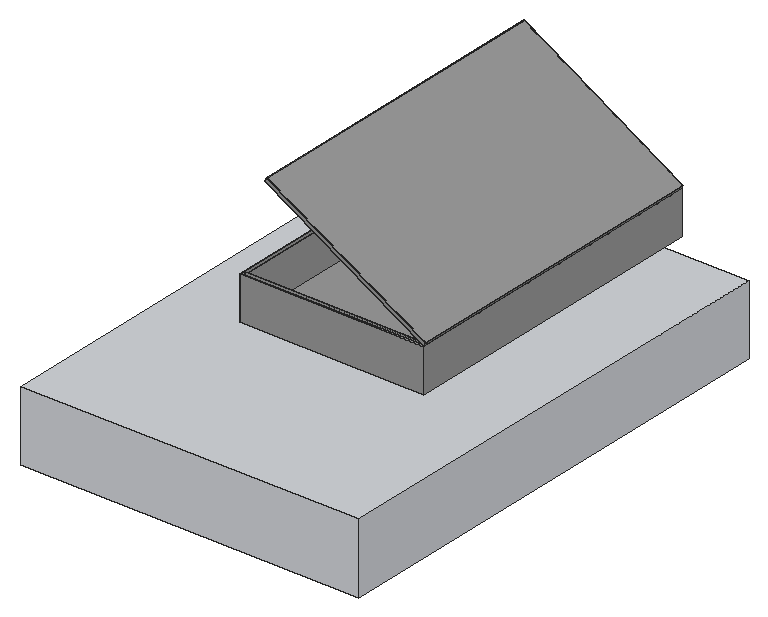
Revit family "Hager-Univers-IP44-D205-H1400-Cl.II-Encl-DE-de", category Equipement électrique, Revit 2020
Family settings
  Hôte = Face
  Configuration du panneau = Deux colonnes, circuits au sein
  Cote de connecteur circulaire = Utiliser le diamètre
  Type d'élément = Tableau de raccordement
  Couper avec des vides une fois chargée = Non
  Partagée = Non
  Point de calcul de pièce = Non
Parameters (values of type "Aufputz IP44 B800 H1400 T205  - FP93SN2")
  Width Control [instance] = if([EF000008 - Breite] > Min Width, [EF000008 - Breite], Min Width)  # 800 mm
  Commentaires du type = [HG000003 - Bereich]  # "Univers"
  Thickness Door [instance] = if([EF009171 - Materialstärke Tür/Deckel] > 3 mm, 3 mm, [EF009171 - Materialstärke Tür/Deckel])  # 1 mm
  Seal Frame Offset [instance] = 17 mm  # constant formula
  Plinth Visibility [instance] = [HG000027 - Sockelhöhe] > 0 mm  # no
  Model = ""
  Min Width [instance] = 100 mm  # constant formula
  Min Height [instance] = 100 mm  # constant formula
  Min Depth [instance] = (2 * [EF009170 - Materialstärke Gehäuse]) + 1 mm  # 3 mm
  Internal Frame Depth [instance] = (Door System Depth * 0.5)  # 9 mm
  Height Control [instance] = if([EF000040 - Höhe] > Min Height, [EF000040 - Höhe], Min Height)  # 1400 mm
  HG000027 - Sockelhöhe = 0 mm
  HG000026 - Stehend auf dem Boden = no
  HG000024 - Höhe des unteren Teils = 800 mm
  HG000023 - Gehäuse mit doppeltem Querschnitt = no
  HG000016 - 3D-Türsichtbarkeit [instance] = yes
  HG000015 - Sichtbarkeit der Türöffnung [instance] = no
  HG000014 - Tür rechts [instance] = yes
  HG000013 - Tür links [instance] = not([HG000014 - Tür rechts])  # no
  HG000012 - Türschwenkwinkel [instance] = 30.00°
  HG000010 - Asymmetrische Türen = no
  HG000009 - Doppelflügeligen Tür = no
  HG000006 - Unterputz = no
  HG000004 - Herstellerreferenz = "FP93SN2"
  HG000003 - Bereich = "Univers"
  HG000002 - Mit tür = yes
  Frame Offset Bottom [instance] = 10 mm  # constant formula
  Frame Offset [instance] = 15 mm  # constant formula
  EF015940 - Deckel mit Überdruckentlastung = no
  EF011959 - Schutzart (NEMA) = ""
  EF009554 - Anzahl der Öffnungen für Flanschplatten = 6
  Fabricant = "Hager"  # constant formula
  EF009212 - Ausführung Deckel = "EV000116 - geschlossen"
  EF009171 - Materialstärke Tür/Deckel = 1 mm
  EF009170 - Materialstärke Gehäuse = 1 mm
  EF008873 - Nennstrom (In) = 250 A
  EF007800 - Geeignet für Blitzschutz = no
  EF006306 - Mit Schloss = no
  EF006244 - Transparenter Deckel/Tür = no
  EF005474 - Schutzart (IP) = "EV006418 - IP44"
  EF004464 - Art der Tür = "EV002646 - Einzel"
  EF004427 - Anzahl der Module = 324
  EF004293 - Schlagfestigkeit = "EV006815 - IK09"
  EF003532 - Geeignet für Außengebrauch = no
  EF002950 - Breite in Teilungseinheiten = 36
  EF001613 - Funktionserhalt = "EV000494 - ohne"
  EF001596 - Werkstoff des Gehäuses = "EV000179 - Stahl"
  EF001131 - Innentiefe = 143 mm
  EF001088 - Anbaumöglichkeit = yes
  EF000437 - Anzahl der Leitungseinführungen = 6
  EF000339 - Art der Abdeckung = "EV001012 - Deckel"
  EF000266 - Anzahl der Reihen = 9
  EF000218 - Einbautiefe = 205 mm
  EF000118 - Mit Montageplatte = no
  EF000116 - RAL-Nummer = "9010"
  EF000049 - Tiefe = 205 mm
  EF000040 - Höhe = 1400 mm
  EF000008 - Breite = 800 mm
  EF000007 - Farbe = "EV000202 - weiß"
  EF000003 - Montageart = "EV000384 - Aufputz"
  Door System Leaf Tolerance [instance] = 1.5 mm  # constant formula
  Door System Depth [instance] = 18 mm  # constant formula
  Door Height [instance] = Height Control - [HG000027 - Sockelhöhe]  # 1400 mm
  Depth Control [instance] = if([EF000049 - Tiefe] > Min Depth, [EF000049 - Tiefe], Min Depth)  # 205 mm
  Default Elevation = 0 mm
  Connector Offset [instance] = Height Control / 2  # 700 mm
  Bottom Top Plate Trim [instance] = 1.5 mm  # constant formula
  Plinth height Ctrl [instance] = if([HG000027 - Sockelhöhe] > 0 mm, [HG000027 - Sockelhöhe], 12 mm)  # 12 mm
Types (5, lengths in mm): name | Width Control | HG000010 - Asymmetrische Türen | HG000009 - Doppelflügeligen Tür | HG000004 - Herstellerreferenz | EF009554 - Anzahl der Öffnungen für Flanschplatten | EF004464 - Art der Tür | EF004427 - Anzahl der Module | EF002950 - Breite in Teilungseinheiten | EF001131 - Innentiefe | EF000437 - Anzahl der Leitungseinführungen | EF000339 - Art der Abdeckung | EF000008 - Breite
  Aufputz IP44 B1050 H1400 T205  - FP94SN2 | 1050 | no | yes | "FP94SN2" | 8 | "EV003602 - Doppel" | 432 | 48 | 143 | 8 | "EV001012 - Deckel" | 1050
  Aufputz IP44 B1300 H1400 T205  - FP95SN2 | 1300 | yes | yes | "FP95SN2" | 10 | "EV003602 - Doppel" | 540 | 60 | 130 | 10 | "EV004216 - Tür" | 1300
  Aufputz IP44 B300 H1400 T205  - FP91SN2 | 300 | no | no | "FP91SN2" | 2 | "EV002646 - Einzel" | 108 | 12 | 143 | 2 | "EV001012 - Deckel" | 300
  Aufputz IP44 B550 H1400 T205  - FP92SN2 | 550 | no | no | "FP92SN2" | 4 | "EV002646 - Einzel" | 216 | 24 | 143 | 4 | "EV001012 - Deckel" | 550
  Aufputz IP44 B800 H1400 T205  - FP93SN2 | 800 | no | no | "FP93SN2" | 6 | "EV002646 - Einzel" | 324 | 36 | 143 | 6 | "EV001012 - Deckel" | 800
Reference planes
  plane 1 "Center (Front/Back)": y = 0
  plane 2: z = 0
  plane 3 "Center (Left/Right)": x = 0
  plane 4: z = 205
  plane 5: y = 1
  plane 6: y = 700
  plane 7: y = 0
  plane 8: y = 1400
  plane 9: z = 0
  plane 10: x = -385
  plane 11: x = 385
  plane 12: x = 384
  plane 13: x = -384
  plane 14: y = 1399
  plane 15: x = -383
  plane 16: x = -400
  plane 17: x = 383
  plane 18: x = 400
  plane 19: x = 399
  plane 20: x = -399
  plane 21: y = 11
  plane 22: y = 1400
  plane 23: y = 1384
  plane 24: z = 187
  plane 25: z = 1
  plane 26: z = 186
  plane 27: z = 204
Forms (mm)
  Extrusion 1, solid
    sketch origin (0, 0, 0) x (1, 0, 0) y (0, 1, 0)
      loop
        line (-702.964, 1305) -> (-702.964, -811.445) -> (766.763, -811.445) -> (766.763, 1305) -> (-702.964, 1305)
    from 0 to -304.8
  Extrusion 2, solid, material "Hager_Steel_RAL7035_Light_Grey", visible <- "Plinth Visibility", detail levels medium+fine
    sketch origin (0, 0, 0) x (1, 0, 0) y (0, 1, 0)
      loop
        line (-400, 0) -> (400, 0) -> (400, 12) -> (-400, 12) -> (-400, 0)
    from 0 to 187
  Extrusion 3, solid, material "Hager_Steel_RAL7035_Light_Grey", detail levels medium+fine
    sketch origin (0, 0, 0) x (1, 0, 0) y (0, 1, 0)
      loop
        line (-400, 0) -> (400, 0) -> (400, 1400) -> (-400, 1400) -> (-400, 0)
    from 0 to 187
  Extrusion 4, void
    sketch origin (0, 0, 0) x (1, 0, 0) y (0, 1, 0)
      loop
        line (-399, 1) -> (399, 1) -> (399, 1399) -> (-399, 1399) -> (-399, 1)
    from 1 to 186
  Extrusion 5, void
    sketch origin (-381.607, -4572, 187) x (0, -1, 0) y (-1, 0, 0)
      loop
        line (-4583, 2.393) -> (-5956, 2.393) -> (-5956, -765.607) -> (-4583, -765.607) -> (-4583, 2.393)
    from 0 to 1 <- "EF009170 - Materialstärke Gehäuse"
  Extrusion 6, solid, material "Hager_Steel_RAL7035_Light_Grey", detail levels fine
    sketch origin (0, 0, 187) x (1, 0, 0) y (0, 1, 0)
      loop
        line (-384, 1384) -> (-384, 11) -> (384, 11) -> (384, 1384) -> (-384, 1384)
      loop
        line (-385, 10) -> (385, 10) -> (385, 1385) -> (-385, 1385) -> (-385, 10)
    from 0 to 9 <- "Internal Frame Depth"
  Extrusion 7, solid, material "Hager_Steel_RAL7035_Light_Grey", detail levels coarse
    sketch origin (0, 0, 0) x (1, 0, 0) y (0, 1, 0)
      loop
        line (-400, 0) -> (400, 0) -> (400, 1400) -> (-400, 1400) -> (-400, 0)
    from 0 to 205
  Sweep 8, void
    path in 3D
      loop
        line (-400, 12, 0) -> (400, 12, 0) -> (400, 12, 187) -> (-400, 12, 187) -> (-400, 12, 0)
    profile origin (-400, 12, 93.5) x (-1, 0, 0) y (0, -1, 0)
      loop
        line (0, 0) -> (0, 1.5) -> (-1.5, 1.5)
        arc (-1.5, 1.5) -> (-1.061, 0.439) -> (0, 0) r 1.5
Cuts and joins
  Extrusion 4, Extrusion 5 cuts Extrusion 3
  Sweep 8 cuts Extrusion 2
Lines and regions (mm)
  Masking region 1
    outline origin (0, 0, 0) x (1, 0, 0) y (0, 0, 1)
      loop
        line (-400, 205) -> (-400, 0) -> (400, 0) -> (400, 205) -> (-400, 205)
  Masking region 2, detail levels medium+fine
    outline origin (0, 140, 0) x (0, 1, 0) y (0, 0, 1)
      loop
        line (-140, 0) -> (1260, 0) -> (1260, 187) -> (-140, 187) -> (-140, 0)
  Masking region 3, not visible, detail levels medium+fine
    outline origin (0, 297.922, 0) x (0, 1, 0) y (0, 0, 1)
      loop
        line (413.578, 0) -> (453.578, 0) -> (453.578, 194)
        arc (453.578, 194) -> (450.649, 201.071) -> (443.578, 204) r 10
        line (443.578, 204) -> (413.578, 204) -> (413.578, 0)
  Masking region 4, detail levels coarse
    outline origin (0, 0, 180) x (0, 1, 0) y (0, 0, 1)
      loop
        line (0, -180) -> (1400, -180) -> (1400, 25) -> (0, 25) -> (0, -180)
  Masking region 5, visible <- "Plinth Visibility", detail levels medium+fine
    outline origin (0, 52.24, 12.345) x (0, 0, -1) y (0, 1, 0)
      loop
        line (10.845, -40.24) -> (-173.155, -40.24)
        arc (-173.155, -40.24) -> (-173.594, -41.301) -> (-174.655, -41.74) r 1.5
        line (-174.655, -41.74) -> (-174.655, -52.24) -> (12.345, -52.24) -> (12.345, -41.74)
        arc (12.345, -41.74) -> (11.285, -41.301) -> (10.845, -40.24) r 1.5
  Masking region 6, detail levels medium+fine
    outline origin (-381.607, -4572, 187) x (-1, 0, 0) y (0, -1, 0)
      loop
        line (18.393, -5972) -> (18.393, -4572) -> (-781.607, -4572) -> (-781.607, -5972) -> (18.393, -5972)
  Masking region 7, visible <- "Plinth Visibility", detail levels medium+fine
    outline origin (-381.607, -4727, 187) x (-1, 0, 0) y (0, -1, 0)
      loop
        arc (16.893, -4739) -> (17.332, -4737.939) -> (18.393, -4737.5) r 1.5
        line (18.393, -4737.5) -> (18.393, -4727) -> (-781.607, -4727) -> (-781.607, -4737.5)
        arc (-781.607, -4737.5) -> (-780.546, -4737.939) -> (-780.107, -4739) r 1.5
        line (-780.107, -4739) -> (16.893, -4739)
  Masking region 8, detail levels coarse
    outline origin (-442.548, -4669.526, 187) x (-1, 0, 0) y (0, -1, 0)
      loop
        line (-42.548, -6069.526) -> (-42.548, -4669.526) -> (-842.548, -4669.526) -> (-842.548, -6069.526) -> (-42.548, -6069.526)
  sketch lines
    curve 1: line (-400, 12, 187) -> (-400, 12, 0)
    curve 2: line (400, 12, 187) -> (-400, 12, 187)
    curve 3: line (400, 12, 187) -> (400, 12, 0)
    curve 4: line (-400, 12, 0) -> (400, 12, 0)
Dimensions and locks
  "Depth Control": plane 4 to Extrusion 1
  "HG000027 - Sockelhöhe": plane 1 "Center (Front/Back)" to plane 7
  "EF009170 - Materialstärke Gehäuse": plane 5 to plane 7
  locked: connector elem to plane 3 "Center (Left/Right)"
  equal spacing: plane 8, plane 6, plane 7
  locked: connector elem to plane 6
  "EF009170 - Materialstärke Gehäuse": plane 8 to plane 14
  "EF009170 - Materialstärke Gehäuse": plane 10 to plane 13
  "EF009170 - Materialstärke Gehäuse": plane 12 to plane 11
  "Frame Offset": plane 20 to plane 13
  "Frame Offset": plane 12 to plane 19
  "EF009170 - Materialstärke Gehäuse": plane 16 to plane 20
  "EF009170 - Materialstärke Gehäuse": plane 19 to plane 18
  "Seal Frame Offset": plane 16 to plane 15
  "Seal Frame Offset": plane 17 to plane 18
  "Frame Offset Bottom": plane 21 to plane 5
  "Frame Offset": plane 14 to plane 23
  equal spacing: plane 16, plane 3 "Center (Left/Right)", plane 18
  "Width Control": plane 16 to plane 18
  "EF009170 - Materialstärke Gehäuse": plane 4 to plane 27
  "EF009170 - Materialstärke Gehäuse": plane 24 to plane 26
  "EF009170 - Materialstärke Gehäuse": plane 25 to level
  "Door System Depth": plane 4 to plane 24
  "Height Control": plane 1 "Center (Front/Back)" to Extrusion 7 sketch curve
  "Height Control": Masking region 4 sketch curve to plane 1 "Center (Front/Back)"
  "Height Control": plane 1 "Center (Front/Back)" to plane 22
  "Bottom Top Plate Trim": profile plane to Sweep 8 sketch curve
  "Bottom Top Plate Trim": Sweep 8 sketch curve to profile plane
  "Plinth height Ctrl": plane 1 "Center (Front/Back)" to Extrusion 2 sketch curve
  "Plinth height Ctrl": Masking region 5 sketch curve to plane 1 "Center (Front/Back)"
  "Plinth height Ctrl": plane 1 "Center (Front/Back)" to Masking region 7 sketch curve
  "Thickness Door": Extrusion 6 sketch curve to Extrusion 6 sketch curve  (x3)
  "Thickness Door": cut or joined group of Extrusion 3, Extrusion 4, Extrusion 5 to Extrusion 6 sketch curve
  radius of Masking region 3 sketch curve = 10 mm
  "Bottom Top Plate Trim": radius of Masking region 5 sketch curve  (x2)
  "Bottom Top Plate Trim": radius of Sweep 8 sketch curve
  "Bottom Top Plate Trim": radius of Masking region 7 sketch curve  (x2)
  aligned and locked: plane 2 to Extrusion 1
  aligned and locked: level to Extrusion 1
  aligned and locked: level to Masking region 1 sketch curve
  aligned and locked: Masking region 1 sketch curve to plane 18
  aligned and locked: Masking region 1 sketch curve to plane 16
  aligned and locked: plane 7 to Masking region 2 sketch curve
  aligned and locked: level to Masking region 3 sketch curve
  aligned and locked: Masking region 3 sketch curve to plane 27
  aligned and locked: level to Masking region 2 sketch curve
  aligned and locked: plane 1 "Center (Front/Back)" to Extrusion 2 sketch curve
  aligned and locked: Extrusion 3 sketch curve to plane 7
  aligned and locked: plane 16 to Extrusion 3 sketch curve
  aligned and locked: plane 18 to Extrusion 3 sketch curve
  aligned and locked: plane 20 to Extrusion 4 sketch curve
  aligned and locked: plane 19 to Extrusion 4 sketch curve
  aligned and locked: Extrusion 4 sketch curve to plane 5
  aligned and locked: Extrusion 4 to plane 25
  aligned and locked: plane 26 to Extrusion 4
  aligned and locked: plane 24 to Extrusion 3
  aligned and locked: Extrusion 5 sketch curve to plane 21
  aligned and locked: Extrusion 5 sketch curve to plane 13
  aligned and locked: Extrusion 5 sketch curve to plane 12
  aligned and locked: plane 18 to Extrusion 7 sketch curve
  aligned and locked: plane 1 "Center (Front/Back)" to Extrusion 7 sketch curve
  aligned and locked: plane 16 to Extrusion 7 sketch curve
  aligned and locked: plane 4 to Extrusion 7
  aligned and locked: Extrusion 7 to level
  aligned and locked: level to Masking region 4 sketch curve
  aligned and locked: Masking region 4 sketch curve to plane 1 "Center (Front/Back)"
  aligned and locked: Masking region 4 sketch curve to plane 4
  aligned and locked: nested 1 to level
  aligned and locked: nested 1 to plane 16
  aligned and locked: plane 8 to Extrusion 3 sketch curve
  aligned and locked: plane 23 to Extrusion 5 sketch curve
  aligned and locked: plane 14 to Extrusion 4 sketch curve
  aligned and locked: Masking region 2 sketch curve to plane 8
  aligned and locked: level to Masking region 5 sketch curve
  aligned and locked: plane 16 to Extrusion 2 sketch curve
  aligned and locked: plane 18 to Extrusion 2 sketch curve
  aligned and locked: Masking region 5 sketch curve to plane 24
  aligned and locked: Masking region 2 sketch curve to plane 24
  aligned and locked: plane 24 to Extrusion 2
  aligned and locked: profile plane to Sweep 8 sketch curve  (x2)
  aligned and locked: Masking region 6 sketch curve to plane 18
  aligned and locked: Masking region 6 sketch curve to plane 22
  aligned and locked: Masking region 6 sketch curve to plane 16
  aligned and locked: plane 8 to plane 22
  aligned and locked: Masking region 6 sketch curve to plane 7
  aligned and locked: Masking region 7 sketch curve to plane 16
  aligned and locked: Masking region 7 sketch curve to plane 1 "Center (Front/Back)"
  aligned and locked: Masking region 7 sketch curve to plane 18
  aligned and locked: Masking region 8 sketch curve to plane 1 "Center (Front/Back)"
  aligned and locked: Masking region 8 sketch curve to plane 18
  aligned and locked: Masking region 8 sketch curve to plane 22
  aligned and locked: Masking region 8 sketch curve to plane 16
  aligned and locked: nested 2 to plane 7
  aligned and locked: plane 3 "Center (Left/Right)" to nested 2
  aligned and locked: nested 2 to plane 24
  aligned and locked: Extrusion 6 sketch curve to cut or joined group of Extrusion 3, Extrusion 4, Extrusion 5  (x4)
Automatic sketch dimensions
  Extrusion 1 sketch curve to Extrusion 1 sketch curve = 1469.727 mm
  Extrusion 1 sketch curve to Extrusion 1 sketch curve = 2116.445 mm
  Masking region 1 sketch curve to plane 4 = 0 mm
  plane 6 to Masking region 3 sketch curve = 11.5 mm
  Masking region 3 sketch curve to Masking region 3 sketch curve = 30 mm
  Masking region 5 sketch curve to plane 1 "Center (Front/Back)" = 0 mm
Nested families
  nested 1: "Hager_Enclosure_Symbol" at (-400, 0, 0) x (1, 0, 0) z (0, -1, 0), Height <- "Depth Control", Width <- "Width Control", type "Hager_Enclosure_Symbol"
    with Width_Ctrl 800 mm, Width 800 mm, Height_Ctrl 205 mm, Height 205 mm, A_Width_Int 13.453 mm, A_Width 161.438 mm, A_Height_Ctrl 179.375 mm, A_Height 179.375 mm
  nested 2: "EC000058_Univers_Door" at (0, 0, 187) x (1, 0, 0) z (0, 1, 0), Leaf_Tolerance <- "Door System Leaf Tolerance", Angle <- "HG000012 - Türschwenkwinkel", Door_Depth <- "Door System Depth", Door_Left <- "HG000013 - Tür links", Transparent <- "EF006244 - Transparenter Deckel/Tür", Assymetrical <- "HG000010 - Asymmetrische Türen", Width <- "Width Control", Clearance <- "HG000015 - Sichtbarkeit der Türöffnung", Double <- "HG000009 - Doppelflügeligen Tür", 3d_Door <- "HG000016 - 3D-Türsichtbarkeit", Lock_Visibility <- "EF006306 - Mit Schloss", Width_Ctrl <- "Width Control", Door_Right <- "HG000014 - Tür rechts", Door <- "HG000002 - Mit tür", Height <- "Door Height", Thickness <- "Thickness Door", type "EC000058_Univers_Door", detail levels medium+fine
    with min_wh 3 mm, Width_Ctrl 800 mm, Width 800 mm, Transparent no, Thickness 1 mm, Seal_Material Hager_Rubber, Lock_Visibility no, Lock_Material Hager_Plastic_RAL9005_Jet_Black, Leaf_Width 800 mm, Leaf_Tolerance_External_Sides 0 mm, Leaf_Tolerance 1.5 mm, Leaf_Offset 0 mm, Leaf_Height 1397 mm, Leaf_2_Width 800 mm, Leaf_2_Offset 400 mm, Leaf_1_Width 800 mm, Leaf_1_Offset 400 mm, Height_Ctrl 1400 mm, Height 1400 mm, Glass_Material Hager_Glass, Double_Clearance_Ctrl no, Double no, Door_Right_Ctrl yes, Door_Right yes, Door_Material Hager_Steel_RAL7035_Light_Grey, Door_Left_Ctrl no, Door_Left no, Door_Depth 18 mm, Door yes, Clearance_Material Hager_Clearance, Clearance_Depth 800 mm, Clearance_Ctrl no, Clearance no, Assymetrical no, Angle 30.00°, 3d_Door yes
Connectors
  electrical at (0, 700, 0)
    settings: on plane 9, index 1, voltage 0 V, apparent load 0 VA, apparent load phase1 0 VA, apparent load phase2 0 VA, apparent load phase3 0 VA, power factor 1, load classification "Other", number of poles 1, system type 30, power factor state 1, is connector primary yes, connector utility no, sub classification motor no, connector description ""
Definition of nested family "EC000058_Univers_Door"
  Parameters (values of type "EC000058_Univers_Door")
    min_wh [instance] = (2 * Thickness) + 1 mm  # 11 mm
    Width_Ctrl [instance] = 400 mm
    Width [instance] = 500 mm
    Transparent [instance] = yes
    Thickness [instance] = 5 mm
    Seal_Material [instance] = none
    Lock_Visibility [instance] = yes
    Lock_Material [instance] = none
    Leaf_Width [instance] = if((Width_Ctrl - 2 * Leaf_Tolerance_External_Sides) > 0 mm, (Width_Ctrl - 2 * Leaf_Tolerance_External_Sides), min_wh)  # 400 mm
    Leaf_Tolerance_External_Sides [instance] = 0 mm  # constant formula
    Leaf_Tolerance [instance] = 1.5 mm
    Leaf_Offset [instance] = 0 mm  # constant formula
    Leaf_Height [instance] = if((Height_Ctrl - 2 * Leaf_Tolerance) > 0 mm, (Height_Ctrl - 2 * Leaf_Tolerance), min_wh)  # 497 mm
    Leaf_2_Width [instance] = if(and(and(Double, Assymetrical), Door_Left), (Leaf_Width / 3) - (Leaf_Tolerance / 2), if(and(and(Double, Assymetrical), Door_Right), (Leaf_Width / 3) * 2 - (Leaf_Tolerance / 2), if(and(Double, not(Assymetrical)), (Leaf_Width / 2) - Leaf_Tolerance, Leaf_Width)))  # 400 mm
    Leaf_2_Offset [instance] = if(and(Double, Assymetrical), Leaf_2_Width / 2, if(and(Double, not(Assymetrical)), Leaf_Width / 4, Leaf_Width / 2))  # 200 mm
    Leaf_1_Width [instance] = if(and(and(Double, Assymetrical), Door_Right), (Leaf_Width / 3) - (Leaf_Tolerance / 2), if(and(and(Double, Assymetrical), Door_Left), (Width / 3) * 2 - (Leaf_Tolerance / 2), if(and(Double, not(Assymetrical)), (Leaf_Width / 2) - Leaf_Tolerance, Leaf_Width)))  # 400 mm
    Leaf_1_Offset [instance] = if(and(Double, Assymetrical), Leaf_1_Width / 2, if(and(Double, not(Assymetrical)), Leaf_Width / 4, Leaf_Width / 2))  # 200 mm
    Height_Ctrl [instance] = if(Height > min_wh, Height, min_wh)  # 500 mm
    Height [instance] = 500 mm
    Glass_Material [instance] = none
    Double_Clearance_Ctrl [instance] = and(Double, Clearance)  # no
    Double [instance] = no
    Door_Right_Ctrl [instance] = and(or(Door_Right, Double), Door)  # yes
    Door_Right [instance] = yes
    Door_Material [instance] = none
    Door_Left_Ctrl [instance] = and(or(Door_Left, Double), Door)  # no
    Door_Left [instance] = no
    Door_Depth [instance] = 30 mm
    Door [instance] = yes
    Default Elevation = 1219.2 mm
    Clearance_Material [instance] = none
    Clearance_Depth [instance] = if(Leaf_1_Width > Leaf_2_Width, Leaf_1_Width, Leaf_2_Width)  # 400 mm
    Clearance_Ctrl [instance] = and(not(Double), Clearance)  # yes
    Clearance [instance] = yes
    Assymetrical [instance] = yes
    Angle [instance] = 30.00°
    3d_Door [instance] = yes
  Reference planes
    plane 1 "Center (Front/Back)": y = 0
    plane 2 "Bottom": z = 0
    plane 3 "Center (Left/Right)": x = 0
    plane 4: z = 500
    plane 5: x = -200
    plane 6: x = 200
    plane 7: z = 500
    plane 8: x = -200
    plane 9: z = 0
    plane 10: x = 200
    plane 11: y = 0
    plane 12: z = 1.5
    plane 13: x = -600
    plane 14: y = -400
    plane 15: x = 600
    plane 16: x = 0
    plane 17: x = 0
    plane 18: x = -200
    plane 19: x = 200
    plane 20: z = 498.5
  Forms (mm)
    Extrusion 1, solid, material <- "Clearance_Material", visible <- "Double_Clearance_Ctrl"
      sketch origin (1200, 0, 0) x (1, 0, 0) y (0, 0, -1)
        loop
          line (-1800, -498.5) -> (-600, -498.5) -> (-600, 0) -> (-1800, 0) -> (-1800, -498.5)
      from 0 to -400
  Dimensions and locks
    equal spacing: plane 5, plane 3 "Center (Left/Right)", plane 6
    "Width_Ctrl": plane 5 to plane 6
    "Leaf_Offset": plane 5 to plane 8
    "Leaf_Offset": plane 6 to plane 10
    "Leaf_Offset": plane 9 to level
    "Leaf_Offset": plane 4 to plane 7
    "Height_Ctrl": plane 4 to level
    "Leaf_Tolerance": plane 12 to plane 9
    locked: plane 11 to plane 1 "Center (Front/Back)"
    "Leaf_1_Offset": plane 18 to plane 16
    "Leaf_2_Offset": plane 17 to plane 19
    "Leaf_1_Width": plane 13 to plane 8
    "Leaf_2_Width": plane 10 to plane 15
    "Clearance_Depth": plane 14 to plane 1 "Center (Front/Back)"
    "Leaf_Tolerance_External_Sides": plane 8 to plane 18
    "Leaf_Tolerance_External_Sides": plane 19 to plane 10
    "Leaf_Tolerance": plane 7 to plane 20
    aligned and locked: level to plane 2 "Bottom"
    aligned and locked: nested 1 to plane 16
    aligned and locked: nested 2 to plane 17
    aligned and locked: Extrusion 1 to plane 13
    aligned and locked: plane 15 to Extrusion 1
    aligned and locked: Extrusion 1 to plane 14
    aligned and locked: plane 12 to nested 1
    aligned and locked: nested 2 to plane 12
    aligned and locked: Extrusion 1 to plane 11
    aligned and locked: plane 20 to Extrusion 1
    aligned and locked: nested 2 to plane 11
    aligned and locked: nested 1 to plane 11
  Automatic sketch dimensions
    Extrusion 1 sketch curve to level = 0 mm
    plane 5 to Extrusion 1 sketch curve = 400 mm
    plane 6 to Extrusion 1 sketch curve = 400 mm
    Extrusion 1 sketch curve to plane 4 = 1.5 mm
  Nested families
    nested 1: "EC000058_Univers_Door_Leaf" at (0, 0, 1.5), Width <- "Leaf_1_Width", visible <- "Door_Left_Ctrl", Leaf_Height <- "Leaf_Height", Angle <- "Angle", 3d_Door <- "3d_Door", Transparent <- "Transparent", Clearance Material <- "Clearance_Material", Clearance <- "Clearance_Ctrl", Door_Material <- "Door_Material", Glass_Material <- "Glass_Material", Door_Depth <- "Door_Depth", Lock_Material <- "Lock_Material", Seal_Material <- "Seal_Material", Lock_Visibility <- "Lock_Visibility", Thickness <- "Thickness", type "EC000058_Univers_Door_Leaf"
      with Width 400 mm, Transparent_Glass_Offset 30 mm, Transparent_Ctrl yes, Transparent yes, Thickness 5 mm, Standard no, Seal_Material none, Seal_D2 8 mm, Seal_D1 1 mm, Offset_Internal_Frame 10 mm, Lock_Width 20 mm, Lock_Visibility_3d yes, Lock_Visibility yes, Lock_Thickness_3 3 mm, Lock_Thickness_2 1 mm, Lock_Thickness_1 3 mm, Lock_Radius_Offset_2 16 mm, Lock_Radius_Offset_1 15 mm, Lock_Radius_2 5 mm, Lock_Radius 6 mm, Lock_Offset 5 mm, Lock_Material none, Lock_Height 80 mm, Lock_Cover_Top_Offset_2d 17 mm, Lock_Cover_Height -65 mm, Leaf_Height 497 mm, Internal_Seal_Thickness 8 mm, Internal_Seal_Depth_2 4.5 mm, Internal_Frame_Depth 25 mm, Glass_Thickness -1 mm, Glass_Offset -2 mm, Glass_Material none, Door_Material none, Door_Depth 30 mm, Clearance Material none, Clearance yes, Angle_Ctrl 30.00°, Angle 30.00°, 3d_Door yes
    nested 2: "EC000058_Univers_Door_Leaf" at (0, 0, 1.5) x (-1, 0, 0) z (0, 0, 1), Width <- "Leaf_2_Width", visible <- "Door_Right_Ctrl", Leaf_Height <- "Leaf_Height", Angle <- "Angle", 3d_Door <- "3d_Door", Transparent <- "Transparent", Clearance Material <- "Clearance_Material", Clearance <- "Clearance_Ctrl", Door_Material <- "Door_Material", Glass_Material <- "Glass_Material", Door_Depth <- "Door_Depth", Lock_Material <- "Lock_Material", Seal_Material <- "Seal_Material", Lock_Visibility <- "Lock_Visibility", Thickness <- "Thickness", type "EC000058_Univers_Door_Leaf"
      with Width 400 mm, Transparent_Glass_Offset 30 mm, Transparent_Ctrl yes, Transparent yes, Thickness 5 mm, Standard no, Seal_Material none, Seal_D2 8 mm, Seal_D1 1 mm, Offset_Internal_Frame 10 mm, Lock_Width 20 mm, Lock_Visibility_3d yes, Lock_Visibility yes, Lock_Thickness_3 3 mm, Lock_Thickness_2 1 mm, Lock_Thickness_1 3 mm, Lock_Radius_Offset_2 16 mm, Lock_Radius_Offset_1 15 mm, Lock_Radius_2 5 mm, Lock_Radius 6 mm, Lock_Offset 5 mm, Lock_Material none, Lock_Height 80 mm, Lock_Cover_Top_Offset_2d 17 mm, Lock_Cover_Height -65 mm, Leaf_Height 497 mm, Internal_Seal_Thickness 8 mm, Internal_Seal_Depth_2 4.5 mm, Internal_Frame_Depth 25 mm, Glass_Thickness -1 mm, Glass_Offset -2 mm, Glass_Material none, Door_Material none, Door_Depth 30 mm, Clearance Material none, Clearance yes, Angle_Ctrl 30.00°, Angle 30.00°, 3d_Door yes
  Definition of nested family "EC000058_Univers_Door_Leaf"
    Parameters (values of type "EC000058_Univers_Door_Leaf")
      Width [instance] = 2000 mm
      Transparent_Glass_Offset [instance] = 30 mm
      Transparent_Ctrl [instance] = and(Transparent, [3d_Door])  # yes
      Transparent [instance] = yes
      Thickness [instance] = 5 mm
      Standard [instance] = and(not(Transparent), [3d_Door])  # no
      Seal_Material [instance] = none
      Seal_D2 [instance] = 8 mm  # constant formula
      Seal_D1 [instance] = 1 mm  # constant formula
      Offset_Internal_Frame [instance] = 10 mm  # constant formula
      Lock_Width [instance] = 20 mm  # constant formula
      Lock_Visibility_3d [instance] = and(Lock_Visibility, [3d_Door])  # yes
      Lock_Visibility [instance] = yes
      Lock_Thickness_3 [instance] = 3 mm  # constant formula
      Lock_Thickness_2 [instance] = 1 mm  # constant formula
      Lock_Thickness_1 [instance] = 3 mm  # constant formula
      Lock_Radius_Offset_2 [instance] = Lock_Radius_Offset_1 + 1 mm  # 16 mm
      Lock_Radius_Offset_1 [instance] = 15 mm  # constant formula
      Lock_Radius_2 [instance] = Lock_Radius - 1 mm  # 5 mm
      Lock_Radius [instance] = 6 mm  # constant formula
      Lock_Offset [instance] = 5 mm  # constant formula
      Lock_Material [instance] = none
      Lock_Height [instance] = 80 mm  # constant formula
      Lock_Cover_Top_Offset_2d [instance] = Lock_Radius_Offset_2 + 1 mm  # 17 mm
      Lock_Cover_Height [instance] = -(Lock_Height - Lock_Radius_Offset_1)  # -65 mm
      Leaf_Height [instance] = 2720.336 mm
      Internal_Seal_Thickness [instance] = 8 mm  # constant formula
      Internal_Seal_Depth_2 [instance] = 4.5 mm  # constant formula
      Internal_Frame_Depth [instance] = if(Door_Depth - Thickness > 5 mm, Door_Depth - Thickness, 5 mm)  # 25 mm
      Glass_Thickness [instance] = if(Thickness > 15 mm, Glass_Offset + 10 mm, -1 mm)  # -1 mm
      Glass_Offset [instance] = if(Thickness > 15 mm, -(Thickness + 10 mm) / 2, -2 mm)  # -2 mm
      Glass_Material [instance] = none
      Door_Material [instance] = none
      Door_Depth [instance] = 30 mm
      Default Elevation = 0 mm
      Clearance Material [instance] = none
      Clearance [instance] = yes
      Angle_Ctrl [instance] = if(Angle > 180.00°, 180.00°, Angle)  # 90.00°
      Angle [instance] = 90.00°
      3d_Door [instance] = yes
    Reference planes
      plane 1 "Center (Front/Back)": y = 0
      plane 2: z = 0
      plane 3 "Center (Left/Right)": x = 0
      plane 4: y = 2000
      plane 5: x = -1000
      plane 6: x = 1000
      plane 7: x = -3000
      plane 8: z = 2720.336
      plane 9: z = 30
      plane 10: z = 2690.336
      plane 11: x = 970
      plane 12: x = -970
      plane 13: y = -3
      plane 14: z = 107.833
      plane 15: y = -5
      plane 16: y = -223.314
      plane 17: x = -1000
      plane 18: z = 1360.168
      plane 19: y = 30
    Forms (mm)
      Extrusion 1, solid, material <- "Clearance Material", visible <- "Clearance"
        sketch origin (0, 0, 0) x (1, 0, 0) y (0, 0, 1)
          loop
            line (-3000, 2720.336) -> (-3000, 0) -> (1000, 0) -> (1000, 2720.336) -> (-3000, 2720.336)
        from 0 to -2000
      Extrusion 2, solid, material <- "Door_Material", visible <- "Standard", detail levels medium+fine
        sketch origin (-1000, 0, 0) x (0, 1, 0) y (-1, 0, 0)
          loop
            line (0, 30) -> (0, 25) -> (2000, 25) -> (2000, 30) -> (0, 30)
        from 0 to 2720.336 <- "Leaf_Height"
      Extrusion 3, solid, material <- "Door_Material", visible <- "Transparent_Ctrl", detail levels medium+fine
        sketch origin (-1000, 0, 0) x (0, 1, 0) y (-1, 0, 0)
          loop
            line (0, 25) -> (2000, 25) -> (2000, 30) -> (0, 30) -> (0, 25)
        from 0 to 2720.336 <- "Leaf_Height"
      Extrusion 4, void
        sketch origin (-1025, 2000, 0) x (0, 1, 0) y (0, 0, -1)
          loop
            line (-30, -2690.336) -> (-30, -30) -> (-1970, -30) -> (-1970, -2690.336) -> (-30, -2690.336)
        from 0 to 5 <- "Thickness"
      Sweep 5, solid, material <- "Seal_Material", visible <- "Transparent_Ctrl", detail levels fine
        path in 3D
          loop
            line (-1025, 30, 30) -> (-1025, 30, 2690.336) -> (-1025, 1970, 2690.336) -> (-1025, 1970, 30) -> (-1025, 30, 30)
        profile origin (-1025, 1000, 30) x (1, 0, 0) y (0, 0, 1)
          loop
            line (0, 0) -> (0, -8) -> (1, -8) -> (1, 0) -> (0, 0)
      Extrusion 6, solid, material <- "Glass_Material", visible <- "Transparent_Ctrl", detail levels medium+fine
        sketch origin (-1030, 0, 0) x (0, 1, 0) y (0, 0, -1)
          loop
            line (1970, -2690.336) -> (1970, -30) -> (30, -30) -> (30, -2690.336) -> (1970, -2690.336)
        from -2 <- "Glass_Offset" to -1 <- "Glass_Thickness"
      Extrusion 7, solid, material <- "Door_Material", visible <- "3d_Door", detail levels medium+fine
        sketch origin (-1025, 2000, 0) x (0, -1, 0) y (0, 0, -1)
          loop
            line (0, -2720.336) -> (2000, -2720.336) -> (2000, 0) -> (0, 0) -> (0, -2720.336)
          loop
            line (1995, -5) -> (5, -5) -> (5, -2715.336) -> (1995, -2715.336) -> (1995, -5)
        from 0 to 25 <- "Internal_Frame_Depth"
      Sweep 8, solid, material <- "Seal_Material", visible <- "Transparent_Ctrl", detail levels fine
        path in 3D
          loop
            line (-1025, 0, 0) -> (-1025, 2000, 0) -> (-1025, 2000, 2720.336) -> (-1025, 0, 2720.336) -> (-1025, 0, 0)
        profile origin (-1025, 0, 1360.168) x (1, 0, 0) y (0, 1, 0)
          loop
            line (0, 10) -> (2.975, 10)
            arc (2.975, 10) -> (4.053, 10.447) -> (4.5, 11.525) r 1.525
            line (4.5, 11.525) -> (4.5, 16.527)
            arc (4.5, 16.527) -> (4.069, 17.569) -> (3.027, 18) r 1.473
            line (3.027, 18) -> (0, 18) -> (0, 10)
      Extrusion 9, solid, material <- "Lock_Material", visible <- "Lock_Visibility_3d", detail levels fine
        sketch origin (-1030, 0, 0) x (0, 1, 0) y (0, 0, -1)
          loop
            arc (1993.5, -1400.168) -> (1994.561, -1399.729) -> (1995, -1398.668) r 1.5
            line (1995, -1398.668) -> (1995, -1320.168) -> (1975, -1320.168) -> (1975, -1398.668)
            arc (1975, -1398.668) -> (1975.439, -1399.729) -> (1976.5, -1400.168) r 1.5
            line (1976.5, -1400.168) -> (1993.5, -1400.168)
        from 3 <- "Lock_Thickness_1" to 0
      Blend 10, solid, material <- "Lock_Material", visible <- "Lock_Visibility_3d", detail levels fine
        base sketch origin (-1033, 0, 0) x (0, 1, 0) y (0, 0, -1)
          loop
            line (1975, -1320.168) -> (1975, -1398.668)
            arc (1975, -1398.668) -> (1975.439, -1399.729) -> (1976.5, -1400.168) r 1.5
            line (1976.5, -1400.168) -> (1993.5, -1400.168)
            arc (1993.5, -1400.168) -> (1994.561, -1399.729) -> (1995, -1398.668) r 1.5
            line (1995, -1398.668) -> (1995, -1320.168) -> (1975, -1320.168)
        top sketch origin (-1033, 0, 0) x (0, 1, 0) y (0, 0, -1)
          loop
            line (1976, -1320.168) -> (1976, -1398.668)
            arc (1976, -1398.668) -> (1976.146, -1399.022) -> (1976.5, -1399.168) r 0.5
            line (1976.5, -1399.168) -> (1993.5, -1399.168)
            arc (1993.5, -1399.168) -> (1993.854, -1399.022) -> (1994, -1398.668) r 0.5
            line (1994, -1398.668) -> (1994, -1320.168) -> (1976, -1320.168)
        from 0 to 1 <- "Lock_Thickness_2"
      Blend 11, solid, material <- "Lock_Material", visible <- "Lock_Visibility_3d", detail levels fine
        base sketch origin (-1034, 0, 0) x (0, 1, 0) y (0, 0, -1)
          loop
            line (1978, -1320.168) -> (1978, -1384.168)
            arc (1978, -1384.168) -> (1985, -1391.168) -> (1992, -1384.168) r 7
            line (1992, -1384.168) -> (1992, -1320.168) -> (1978, -1320.168)
        top sketch origin (-1034, 0, 0) x (0, 1, 0) y (0, 0, -1)
          loop
            line (1991, -1320.168) -> (1979, -1320.168) -> (1979, -1383.168)
            arc (1979, -1383.168) -> (1985, -1389.168) -> (1991, -1383.168) r 6
            line (1991, -1383.168) -> (1991, -1320.168)
        from 0 to 3 <- "Lock_Thickness_3"
      Extrusion 12, solid, material <- "Lock_Material", visible <- "Lock_Visibility_3d", detail levels fine
        sketch origin (-1030, 1975, 1320.168) x (1, 0, 0) y (0, -1, 0)
          loop
            line (-7, -19) -> (-7, -1) -> (0, -1) -> (0, 0) -> (-8, 0) -> (-8, -20) -> (0, -20) -> (0, -19) -> (-7, -19)
        from 0 to -65 <- "Lock_Cover_Height"
      Extrusion 13, void
        sketch origin (-1038, 1995, 1320.168) x (-1, 0, 0) y (0, 0, -1)
          loop
            line (-5, -65) -> (0, -65) -> (-5, -60) -> (-5, -65)
        from 0 to 20 <- "Lock_Width"
      Extrusion 14, void
        sketch origin (-1038, 1975, 1320.168) x (0, -1, 0) y (0, 0, -1)
          loop
            circle (-10, -15.995) r 6
          loop
            circle (-10, -15.995) r 5
        from 0 to 2
      Extrusion 15, solid, material <- "Lock_Material", visible <- "Lock_Visibility_3d", detail levels medium
        sketch origin (-1030, 0, 0) x (0, 1, 0) y (0, 0, -1)
          loop
            arc (1993.5, -1400.168) -> (1994.561, -1399.729) -> (1995, -1398.668) r 1.5
            line (1995, -1398.668) -> (1995, -1320.168) -> (1975, -1320.168) -> (1975, -1398.668)
            arc (1975, -1398.668) -> (1975.439, -1399.729) -> (1976.5, -1400.168) r 1.5
            line (1976.5, -1400.168) -> (1993.5, -1400.168)
        from 8 to 0
    Cuts and joins
      Extrusion 4 cuts Extrusion 3
      Extrusion 13, Extrusion 14 cuts Extrusion 9
      Extrusion 14 cuts Blend 11
      Extrusion 13, Extrusion 14 cuts Extrusion 12
      joined: Extrusion 9, Blend 10, Blend 11, Extrusion 12
      Extrusion 14 cuts Extrusion 15
    Lines and regions (mm)
      Masking region 1, visible <- "Lock_Visibility", detail levels fine
        outline origin (0, 0, 0) x (0, 1, 0) y (0, 0, 1)
          loop
            line (30, 1320.168) -> (33, 1320.168) -> (33, 1400.168) -> (30, 1400.168) -> (30, 1320.168)
      Masking region 2, visible <- "Lock_Visibility", detail levels fine
        outline origin (0, 3.143, 0) x (0, 1, 0) y (0, 0, 1)
          loop
            line (29.857, 1354.168) -> (30.857, 1354.168) -> (30.857, 1366.168) -> (29.857, 1366.168) -> (29.857, 1354.168)
      Masking region 3, detail levels medium+fine
        outline origin (0, 0, 0) x (0, 1, 0) y (0, 0, 1)
          loop
            line (0, 0) -> (30, 0) -> (30, 2720.336) -> (0, 2720.336) -> (0, 0)
      Masking region 4, detail levels medium+fine
        outline origin (0, 0, 0) x (1, 0, 0) y (0, 0, 1)
          loop
            line (-1000, 2720.336) -> (-1000, 0) -> (1000, 0) -> (1000, 2720.336) -> (-1000, 2720.336)
      Masking region 5, visible <- "Lock_Visibility", detail levels fine
        outline origin (-47.116, 0, 0) x (1, 0, 0) y (0, 0, 1)
          loop
            arc (1024.616, 1399.168) -> (1023.556, 1398.729) -> (1023.116, 1397.668) r 1.5
            line (1023.116, 1397.668) -> (1023.116, 1320.168) -> (1041.116, 1320.168) -> (1041.116, 1397.668)
            arc (1041.116, 1397.668) -> (1040.677, 1398.729) -> (1039.616, 1399.168) r 1.5
            line (1039.616, 1399.168) -> (1024.616, 1399.168)
      Masking region 6, visible <- "Lock_Visibility", detail levels medium+fine
        outline origin (-25, 0, 0) x (1, 0, 0) y (0, 0, 1)
          loop
            arc (1001.5, 1400.168) -> (1000.439, 1399.729) -> (1000, 1398.668) r 1.5
            line (1000, 1398.668) -> (1000, 1320.168) -> (1020, 1320.168) -> (1020, 1398.668)
            arc (1020, 1398.668) -> (1019.561, 1399.729) -> (1018.5, 1400.168) r 1.5
            line (1018.5, 1400.168) -> (1001.5, 1400.168)
      Masking region 7, visible <- "Lock_Visibility", detail levels fine
        outline origin (-73.735, 0, 0) x (1, 0, 0) y (0, 0, 1)
          loop
            line (1051.735, 1382.168) -> (1065.735, 1382.168) -> (1065.735, 1384.168)
            arc (1065.735, 1384.168) -> (1058.735, 1391.168) -> (1051.735, 1384.168) r 7
            line (1051.735, 1384.168) -> (1051.735, 1382.168)
      Masking region 8, visible <- "Lock_Visibility", detail levels fine
        outline origin (-73.735, 0, 0) x (1, 0, 0) y (0, 0, 1)
          loop
            line (1052.735, 1382.168) -> (1064.735, 1382.168) -> (1064.735, 1383.168)
            arc (1064.735, 1383.168) -> (1058.735, 1389.168) -> (1052.735, 1383.168) r 6
            line (1052.735, 1383.168) -> (1052.735, 1382.168)
      Masking region 9, visible <- "Lock_Visibility", detail levels fine
        outline origin (-25, 0, 0) x (1, 0, 0) y (0, 0, 1)
          loop
            line (1020, 1320.168) -> (1020, 1382.168) -> (1000, 1382.168) -> (1000, 1320.168) -> (1020, 1320.168)
      Masking region 10, detail levels medium+fine
        outline origin (0, 0, 0) x (1, 0, 0) y (0, 0, 1)
          loop
            circle (985, 1335.144) r 6
      Masking region 11, detail levels fine
        outline origin (0, 0, 0) x (1, 0, 0) y (0, 0, 1)
          loop
            circle (985, 1335.144) r 5
      Masking region 12, visible <- "Lock_Visibility", detail levels fine
        outline origin (0, 12.767, 0) x (0, 1, 0) y (0, 0, 1)
          loop
            line (20.233, 1320.168) -> (21.233, 1320.168) -> (21.233, 1399.168) -> (20.233, 1400.168) -> (20.233, 1320.168)
      Masking region 13, visible <- "Lock_Visibility", detail levels fine
        outline origin (0, 13.767, -10) x (0, 1, 0) y (0, 0, 1)
          loop
            line (20.233, 1330.168) -> (23.233, 1330.168) -> (23.233, 1399.168) -> (20.233, 1402.168) -> (20.233, 1330.168)
      Masking region 14, visible <- "Lock_Visibility", detail levels fine
        outline origin (0, 12.767, -10) x (0, 1, 0) y (0, 0, 1)
          loop
            line (20.233, 1330.168) -> (25.233, 1330.168) -> (25.233, 1399.305) -> (20.233, 1394.305) -> (20.233, 1330.168)
      Masking region 15, visible <- "Lock_Visibility", detail levels medium
        outline origin (0, 0, 0) x (0, 1, 0) y (0, 0, 1)
          loop
            line (30, 1320.168) -> (38, 1320.168) -> (38, 1400.168) -> (30, 1400.168) -> (30, 1320.168)
      Masking region 16, visible <- "Lock_Visibility", detail levels fine
        outline origin (-1000, 0, 0) x (0, 1, 0) y (-1, 0, 0)
          loop
            line (1975, 30) -> (1995, 30) -> (1995, 38) -> (1975, 38) -> (1975, 30)
          loop
            line (1979, 37) -> (1976, 37) -> (1976, 34) -> (1978, 34) -> (1979, 37)
          loop
            line (1994, 37) -> (1991, 37) -> (1992, 34) -> (1994, 34) -> (1994, 37)
      Masking region 17, visible <- "Lock_Visibility", detail levels medium
        outline origin (-1000, 0, 0) x (0, 1, 0) y (-1, 0, 0)
          loop
            line (1975, 30) -> (1995, 30) -> (1995, 38) -> (1975, 38) -> (1975, 30)
      symbolic lines
        curve 1: line (1000, 0, 0) -> (-3000, 0, 0)
        curve 2: arc (1000, 0, 0) -> (-1000, 2000, 0) -> (-3000, 0, 0) r 2000
        curve 4: line (-1030, 0, 0) -> (-1030, 2000, 0)
      reference lines
        curve 3: line (-1000, 0, 0) -> (-1000, 2000, 0)
      symbolic lines, detail levels medium+fine
        curve 5: line (-1030, 2000, 0) -> (-1025, 2000, 0)
        curve 7: line (-1025, 0, 0) -> (-1030, 0, 0)
        curve 8: line (-1025, 0, 0) -> (-1000, 0, 0)
        curve 9: line (-1000, 0, 0) -> (-1000, 2000, 0)
        curve 10: line (-1000, 2000, 0) -> (-1025, 2000, 0)
      symbolic lines, detail levels fine
        curve 6: line (-1025, 2000, 0) -> (-1025, 0, 0)
      sketch lines
        curve 11: line (-1025, 0, 2720.336) -> (-1025, 0, 0)
        curve 12: line (-1025, 2000, 0) -> (-1025, 0, 0)
        curve 13: line (-1025, 2000, 2720.336) -> (-1025, 2000, 0)
        curve 14: line (-1025, 0, 2720.336) -> (-1025, 2000, 2720.336)
        curve 15: line (-1025, 1970, 30) -> (-1025, 30, 30)
        curve 16: line (-1025, 30, 30) -> (-1025, 30, 2690.336)
        curve 17: line (-1025, 1970, 2690.336) -> (-1025, 1970, 30)
        curve 18: line (-1025, 30, 2690.336) -> (-1025, 1970, 2690.336)
      symbolic lines, visible <- "Transparent", detail levels medium+fine
        curve 19: line (-970, 0, 2690.336) -> (970, 0, 2690.336)
        curve 20: line (-970, 0, 30) -> (-970, 0, 2690.336)
        curve 21: line (970, 0, 30) -> (-970, 0, 30)
        curve 22: line (970, 0, 2690.336) -> (970, 0, 30)
    Dimensions and locks
      "Width": plane 1 "Center (Front/Back)" to plane 4
      equal spacing: plane 5, plane 3 "Center (Left/Right)", plane 6
      "Width": plane 5 to plane 6
      "Width": plane 7 to plane 5
      "Leaf_Height": plane 8 to level
      "Width": curve 5 to curve 3
      "Width": curve 3 to curve 3
      plane 8 to plane 10 = 30 mm
      plane 9 to level = 30 mm
      plane 12 to plane 5 = 30 mm
      plane 6 to plane 11 = 30 mm
      Extrusion 1 to Extrusion 4 sketch curve = 30 mm
      "Transparent_Glass_Offset": curve 3 to Extrusion 4 sketch curve
      "Transparent_Glass_Offset": Extrusion 4 sketch curve to cut or joined group of Extrusion 3, Extrusion 4  (x2)
      cut or joined group of Extrusion 3, Extrusion 4 to Extrusion 6 sketch curve = 30 mm
      "Transparent_Glass_Offset": cut or joined group of Extrusion 3, Extrusion 4 to Extrusion 4 sketch curve
      "Thickness": curve 6 to curve 4
      "Thickness": Extrusion 7 sketch curve to Extrusion 7 sketch curve  (x4)
      "Door_Depth": curve 4 to curve 3
      "Offset_Internal_Frame": profile plane to Sweep 8 sketch curve
      "Internal_Seal_Thickness": Sweep 8 sketch curve to Sweep 8 sketch curve
      "Internal_Seal_Depth_2": profile plane to Sweep 8 sketch curve
      "Seal_D1": profile plane to Sweep 5 sketch curve
      "Seal_D2": profile plane to Sweep 5 sketch curve
      "Thickness": Extrusion 2 sketch curve to Extrusion 2 sketch curve
      equal spacing: Extrusion 9 sketch curve, plane 18, Extrusion 9 sketch curve  (x2)
      equal spacing: Masking region 1 sketch curve, plane 18, Masking region 1 sketch curve
      "Lock_Height": Masking region 1 sketch curve to Masking region 1 sketch curve
      "Lock_Radius": Masking region 2 sketch curve to plane 18 to Masking region 2 sketch curve
      Masking region 2 sketch curve to Masking region 1 = 1 mm
      "Door_Depth": plane 19 to plane 1 "Center (Front/Back)"
      "Lock_Thickness_1": Masking region 1 sketch curve to plane 19
      "Lock_Width": Extrusion 9 sketch curve to Extrusion 9 sketch curve
      "Lock_Height": Extrusion 9 sketch curve to Extrusion 9 sketch curve
      "Lock_Offset": cut or joined group of Extrusion 3, Extrusion 4 to Extrusion 9 sketch curve
      equal spacing: plane 8, plane 18, level
      "Lock_Radius_Offset_1": Blend 11 sketch curve to Blend 10
      locked: Blend 10 to Blend 11 sketch curve at 2  (x2)
      locked: var sketch to Blend 11 sketch curve at 1  (x2)
      "Lock_Radius_Offset_2": Blend 11 sketch curve to Blend 10
      locked: Extrusion 12 sketch curve to Extrusion 12 sketch curve at 1  (x3)
      Masking region 6 sketch curve to Masking region 6 sketch curve = 80 mm
      "Lock_Height": Masking region 6 sketch curve to Masking region 6 sketch curve
      "Lock_Width": Masking region 6 sketch curve to Masking region 6 sketch curve
      locked: Masking region 6 to Masking region 5 sketch curve at 1  (x3)
      locked: Masking region 5 to Masking region 7 sketch curve at 2  (x2)
      "Lock_Radius_Offset_1": Masking region 5 to Masking region 7 sketch curve
      "Lock_Radius_Offset_2": Masking region 5 to Masking region 8 sketch curve
      locked: Masking region 7 to Masking region 8 sketch curve at 1  (x2)
      "Lock_Cover_Top_Offset_2d": Masking region 5 to Masking region 9 sketch curve
      equal spacing: Masking region 9, Masking region 10 sketch curve, Masking region 9
      equal spacing: Masking region 9, Masking region 11 sketch curve, Masking region 9
      Extrusion 15 sketch curve to Extrusion 15 sketch curve = 80 mm
      "Lock_Width": Extrusion 15 sketch curve to Extrusion 15 sketch curve
      "Lock_Height": Extrusion 15 sketch curve to Extrusion 15 sketch curve
      equal spacing: Extrusion 15 sketch curve, plane 18, Extrusion 15 sketch curve
      "Lock_Thickness_3": Masking region 13 sketch curve to Masking region 13 sketch curve
      "Lock_Height": Masking region 12 sketch curve to Masking region 12 sketch curve
      locked: Masking region 13 sketch curve to Masking region 1 at 8
      locked: Masking region 14 sketch curve to Masking region 13 at 1
      locked: Masking region 14 sketch curve to Masking region 1 at 10.863
      "Lock_Height": Masking region 15 sketch curve to Masking region 15 sketch curve
      "Lock_Offset": Extrusion 15 sketch curve to cut or joined group of Extrusion 3, Extrusion 4
      "Lock_Offset": plane 6 to Masking region 6 sketch curve
      radius of Sweep 8 sketch curve = 1.525 mm
      radius of Sweep 8 sketch curve = 1.473 mm
      radius of Extrusion 9 sketch curve = 1.5 mm  (x2)
      "Lock_Radius": radius of Extrusion 14 sketch curve
      "Lock_Radius_2": radius of Extrusion 14 sketch curve
      "Lock_Radius": radius of Masking region 10 sketch curve
      "Lock_Radius_2": radius of Masking region 11 sketch curve
      radius of Extrusion 15 sketch curve = 1.5 mm  (x2)
      "Angle_Ctrl": angle plane 1 "Center (Front/Back)" to curve 3
      locked: Masking region 12 sketch curve to Masking region 12 sketch curve (angle 45.00°)
      locked: Masking region 13 sketch curve to Masking region 13 sketch curve (angle 45.00°)
      locked: Masking region 14 sketch curve to Masking region 14 sketch curve (angle 45.00°)
      aligned and locked: level to plane 2
      aligned and locked: Extrusion 1 to curve 1
      aligned and locked: plane 6 to Extrusion 1
      aligned and locked: Extrusion 1 to plane 1 "Center (Front/Back)"
      aligned and locked: plane 4 to Extrusion 1
      aligned and locked: plane 8 to Extrusion 1
      aligned and locked: curve 7 to Extrusion 2 sketch curve
      aligned and locked: curve 5 to Extrusion 2 sketch curve
      aligned and locked: curve 7 to Extrusion 3 sketch curve
      aligned and locked: Extrusion 3 sketch curve to curve 4
      aligned and locked: Extrusion 3 sketch curve to curve 6
      aligned and locked: Extrusion 3 sketch curve to curve 5
      aligned and locked: curve 9 to curve 3
      aligned and locked: Extrusion 7 sketch curve to cut or joined group of Extrusion 3, Extrusion 4  (x4)
      aligned and locked: plane 17 to curve 3
      aligned and locked: plane 1 "Center (Front/Back)" to curve 3
      aligned and locked: plane 17 to plane 5
      aligned and locked: Sweep 8 sketch curve to profile plane
      aligned and locked: Sweep 5 sketch curve to profile plane  (x2)
      aligned and locked: Masking region 1 to Masking region 2 sketch curve
      aligned and locked: plane 19 to Masking region 1 sketch curve
      aligned and locked: plane 1 "Center (Front/Back)" to Masking region 3 sketch curve
      aligned and locked: plane 19 to Masking region 3 sketch curve
      aligned and locked: level to Masking region 3 sketch curve
      aligned and locked: Masking region 3 sketch curve to plane 8
      aligned and locked: plane 17 to Masking region 4 sketch curve
      aligned and locked: level to Masking region 4 sketch curve
      aligned and locked: Masking region 4 sketch curve to plane 8
      aligned and locked: plane 12 to curve 20
      aligned and locked: plane 10 to curve 19
      aligned and locked: plane 11 to curve 22
      aligned and locked: curve 21 to plane 9
      aligned and locked: Extrusion 2 sketch curve to cut or joined group of Extrusion 3, Extrusion 4
      aligned and locked: Blend 10 sketch curve to Extrusion 9  (x4)
      aligned and locked: Extrusion 9 to Blend 10 sketch curve
      aligned and locked: Blend 10 to Blend 11 sketch curve
      aligned and locked: Extrusion 12 sketch curve to Blend 11
      aligned and locked: Extrusion 12 sketch curve to Extrusion 9  (x4)
      aligned and locked: Masking region 5 sketch curve to Masking region 6
      aligned and locked: Masking region 9 sketch curve to Masking region 6  (x3)
      aligned and locked: Masking region 12 sketch curve to Masking region 1
      aligned and locked: Masking region 13 sketch curve to Masking region 1
      aligned and locked: Masking region 12 to Masking region 14
      aligned and locked: Masking region 14 sketch curve to Masking region 1
      aligned and locked: Masking region 15 sketch curve to Masking region 14
      aligned and locked: Masking region 13 sketch curve to Masking region 12
      aligned and locked: Masking region 16 sketch curve to cut or joined group of Extrusion 14, Extrusion 15  (x4)
      aligned and locked: Masking region 16 sketch curve to cut or joined group of Extrusion 9, Blend 10, Blend 11, Extrusion 12, Extrusion 13, Extrusion 14  (x6)
      aligned and locked: cut or joined group of Extrusion 9, Blend 10, Blend 11, Extrusion 12, Extrusion 13, Extrusion 14 to Masking region 16 sketch curve
      aligned and locked: Masking region 17 sketch curve to cut or joined group of Extrusion 14, Extrusion 15  (x3)
      aligned and locked: Masking region 17 sketch curve to cut or joined group of Extrusion 9, Blend 10, Blend 11, Extrusion 12, Extrusion 13, Extrusion 14
      aligned and locked: Masking region 9 to Masking region 8 sketch curve
      aligned and locked: Masking region 9 to Masking region 7 sketch curve
    Automatic sketch dimensions
      plane 1 "Center (Front/Back)" to curve 2 = 0 mm
      curve 2 to plane 5 = 0 mm
      Extrusion 1 sketch curve to level = 0 mm
      Extrusion 1 sketch curve to plane 7 = 0 mm
      Extrusion 1 sketch curve to plane 6 = 0 mm
      Extrusion 1 sketch curve to plane 8 = 0 mm
      Extrusion 3 to Extrusion 6 sketch curve = 30 mm  (x4)
      Masking region 4 sketch curve to plane 6 = 0 mm
      Blend 10 sketch curve to Extrusion 9 = 1.5 mm
      Blend 10 sketch curve to Extrusion 9 = 1 mm
      Extrusion 13 sketch curve to Extrusion 12 = 0 mm  (x2)
      Extrusion 12 to Extrusion 13 sketch curve = 3 mm
      Extrusion 13 sketch curve to Extrusion 12 = 5 mm
      Extrusion 14 sketch curve to Extrusion 14 sketch curve = 0 mm  (x2)
      Extrusion 14 sketch curve to Extrusion 12 = 10 mm
      Extrusion 14 sketch curve to Extrusion 12 = 15.995 mm
      Masking region 5 sketch curve to Masking region 5 sketch curve = 1.5 mm  (x2)
      Masking region 10 sketch curve to plane 18 = 25.024 mm
      Masking region 11 sketch curve to plane 18 = 25.024 mm
      plane 19 to Masking region 14 sketch curve = 3 mm
      Masking region 16 sketch curve to Masking region 16 sketch curve = 3 mm
      curve 4 to curve 3 = 0 mm
      Blend 10 to Blend 11 sketch curve = 0 mm
      Masking region 6 sketch curve to Masking region 6 sketch curve = 1.5 mm  (x2)
      Masking region 6 sketch curve to plane 18 = 40 mm
      plane 19 to Masking region 12 sketch curve = 3 mm
      Masking region 12 sketch curve to Masking region 12 sketch curve = 1 mm
      Masking region 15 sketch curve to plane 19 = 0 mm
      Masking region 15 sketch curve to plane 18 = 40 mm
      radius of Blend 10 sketch curve to Extrusion 9 = 1 mm
Definition of nested family "Hager_Enclosure_Symbol"
  Parameters (values of type "Hager_Enclosure_Symbol")
    Width_Ctrl [instance] = if(Width > 1 mm, Width, 1 mm)  # 102.27 mm
    Width [instance] = 102.27 mm
    Height_Ctrl [instance] = if(Height > 1 mm, Height, 1 mm)  # 66.5 mm
    A_Width_Int [instance] = if(A_Width / 12 > 2 mm, A_Width / 12, 2 mm)  # 4.364 mm
    A_Width [instance] = if(A_Height_Ctrl * 0.9 > 2 mm, A_Height_Ctrl * 0.9, 2 mm)  # 52.369 mm
    A_Height_Ctrl [instance] = if(A_Height > 2 mm, A_Height, 2 mm)  # 58.188 mm
    Height [instance] = 66.5 mm
    A_Height [instance] = Height - (Height / 8)  # 58.188 mm
  Reference planes
    plane 1 "Centre (avant/arrière)": y = 0
    plane 2: z = 0
    plane 3 "Centre (gauche/droite)": x = 0
    plane 4: x = 52.369
    plane 5: y = 33.042
    plane 6: y = 41.77
    plane 7: y = 66.5
    plane 8: x = 26.184
    plane 9: y = 37.406
    plane 10: x = 102.27
    plane 11: y = 66.5
    plane 12: y = 8.313
  Lines and regions (mm)
    Filled region 1, type "Solid_Black", in view "Niveau de réf."
      outline origin (0, 0, 0) x (1, 0, 0) y (0, 1, 0)
        loop
          line (52.369, 66.5) -> (33.188, 54.536) -> (45.365, 45.006) -> (52.369, 66.5)
    Filled region 2, type "Solid_Black", in view "Niveau de réf."
      outline origin (0, 0, 0) x (1, 0, 0) y (0, 1, 0)
        loop
          line (0, 0) -> (102.27, 0) -> (102.27, 66.5) -> (0, 0)
    detail lines, in view "Niveau de réf."
      curve 1: line (0, 8.313, 0) -> (26.184, 41.77, 0)
      curve 2: line (26.184, 41.77, 0) -> (26.184, 33.042, 0)
      curve 3: line (26.184, 33.042, 0) -> (52.369, 66.5, 0)
  Dimensions and locks
    "A_Width": plane 3 "Centre (gauche/droite)" to plane 4
    equal spacing: plane 3 "Centre (gauche/droite)", plane 8, plane 4
    equal spacing: plane 6, plane 9, plane 5
    equal spacing: curve 3, Filled region 1 sketch curve, Filled region 1 sketch curve
    "Height_Ctrl": plane 1 "Centre (avant/arrière)" to plane 11
    "A_Height_Ctrl": plane 11 to plane 12
    equal spacing: plane 11, plane 9, plane 12
    "A_Width_Int": plane 6 to plane 9
    "Width_Ctrl": plane 3 "Centre (gauche/droite)" to plane 10
    angle Filled region 1 sketch curve to curve 3 = 20.00°
    angle curve 3 to Filled region 1 sketch curve = 20.00°
    locked: curve 3 to Filled region 1 sketch curve (angle 90.00°)
    aligned and locked: plane 10 to Filled region 2
    aligned and locked: plane 11 to Filled region 2 sketch curve
    aligned and locked: plane 10 to Filled region 2 sketch curve
    aligned and locked: plane 3 "Centre (gauche/droite)" to curve 1
    aligned and locked: plane 12 to curve 1
    aligned and locked: plane 7 to plane 11
  Automatic sketch dimensions
    Filled region 1 sketch curve to plane 4 = 0 mm
    Filled region 1 sketch curve to plane 7 = 0 mm
    plane 1 "Centre (avant/arrière)" to Filled region 2 sketch curve = 0 mm
    Filled region 2 sketch curve to plane 3 "Centre (gauche/droite)" = 0 mm
    curve 2 to plane 6 = 0 mm
    curve 2 to plane 8 = 0 mm
    curve 3 to plane 4 = 0 mm
    curve 2 to plane 5 = 0 mm
    curve 3 to plane 7 = 0 mm
